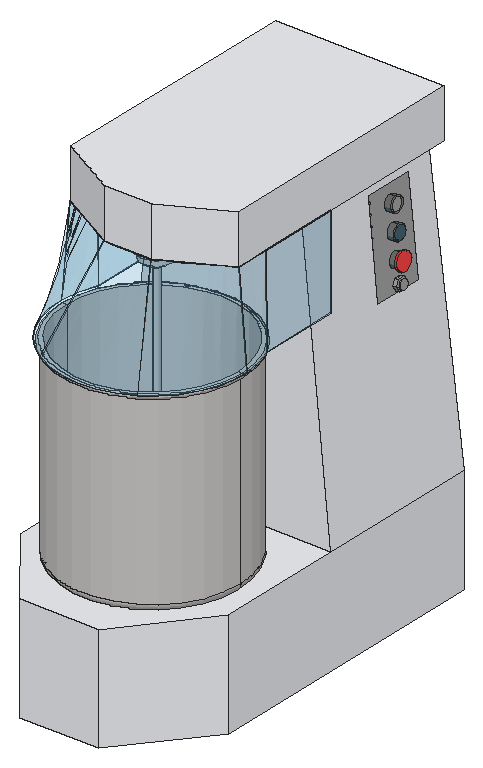
Revit family "QF_DITOSAMA_601547_DZSP30", category Specialty Equipment, Revit 2018
Family settings
  Round Connector Dimension = Use Diameter
  Part Type = Normal
  Work Plane-Based = No
  Always vertical = Yes
  Cut with Voids When Loaded = No
  Shared = No
  Room Calculation Point = No
Parameters
  Weight = 112.00 kg
  Watts = 0 W
  Volts = 0 V
  URL Manufacturer = ""
  URL = ""
  Steam Supply Size = 0 mm
  Steam Supply Minimum Pressure = 0.0 Pa
  Steam Supply Maximum Pressure = 0.0 Pa
  Steam Pounds per Hour = 0
  Refrigeration Suction Line Size = 0 mm
  Refrigeration Liquid Line Size = 0 mm
  Refrigerant Compressor Remote = yes
  Manufacturer = ""
  Phase = 0
  Model = ""
  Length Actual = 420 mm  # constant formula
  Item Number = ""
  Hot Water Size = 0 mm
  Height Actual = 910 mm  # constant formula
  HP = "1.5 HP"
  Gas Size = 0 mm
  Gas KW = 0
  Gas Input Pressure = 0 W
  Direct Waste Size = 0 mm
  Description = ""
  Depth Actual = 760 mm  # constant formula
  Cycle = 0 Hz
  Condensate Return Size = 0 mm
  Compressed Air Volume = 0.0 L/s
  Compressed Air Size = 0 mm
  Compressed Air Pressure = 0.0 Pa
  Cold Water Size = 0 mm
  Accessory = yes
Types (2, lengths in mm): name | Volts | URL Manufacturer | URL | Manufacturer | Phase | Model | Item Number | Description | Cycle
  (no name) | 0 V | "" | "" | "" | 0 | "" | "" | "" | 0 Hz
  QF_DITO SAMA_601547_DZSP30 | 400 V | "http://www.ditosama.com" | "http://www.ditosama.com" | "Dito Sama" | 3 | "DZSP30" | "601547" | "SPIRAL DOUGH KNEADER 38L 1SP.400/3" | 50 Hz
Reference planes
  plane 1 "Center (Front/Back)": y = 0
  plane 2: z = 0
  plane 3 "Center (Left/Right)": x = 0
  plane 4 "BASE": z = 225
  plane 5 "TOP": z = 910
  plane 6 "FRONT": y = -380
  plane 7 "BACK": y = 380
  plane 8 "LEFT": x = -210
  plane 9 "RIGHT": x = 210
  plane 10: z = 810
  plane 11 "CX": y = -145
  plane 12 "PANEL": through (210.113, -1524, 223.861) normal (-0.9949, 0, -0.1012)
Forms (mm)
  Extrusion 1, solid, material "QF_Finishes_White"
    sketch origin (0, 0, 0) x (1, 0, 0) y (0, 1, 0)
      loop
        line (-190, 360) -> (-190, 320) -> (-170, 320) -> (-170, 360) -> (-190, 360)
      loop
        line (-190, -165) -> (-190, -205) -> (-170, -205) -> (-170, -165) -> (-190, -165)
      loop
        line (190, 360) -> (170, 360) -> (170, 320) -> (190, 320) -> (190, 360)
      loop
        line (190, -165) -> (170, -165) -> (170, -205) -> (190, -205) -> (190, -165)
    from 0 to 10
  Extrusion 2, solid, material "QF_Finishes_White"
    sketch origin (0, 0, 0) x (1, 0, 0) y (0, 1, 0)
      loop
        line (-210, 380) -> (-210, -215) -> (-80, -380) -> (80, -380) -> (210, -215) -> (210, 380) -> (-210, 380)
    from 225 to 10
  Blend 3, solid, material "QF_Finishes_White"
    base sketch origin (0, 0, 0) x (1, 0, 0) y (0, 1, 0)
      loop
        line (-210, 380) -> (-210, 45) -> (210, 45) -> (210, 380) -> (-210, 380)
    top sketch origin (0, 0, 0) x (1, 0, 0) y (0, 1, 0)
      loop
        line (-150.517, 365) -> (-150.517, 45) -> (150.517, 45) -> (150.517, 365) -> (-150.517, 365)
    from 225 to 810
  Extrusion 4, solid, material "QF_Finishes_White"
    sketch origin (0, 0, 0) x (1, 0, 0) y (0, 1, 0)
      loop
        line (-170.116, 380) -> (-170.116, -138.643) -> (-47.5, -206.259) -> (47.5, -206.259) -> (170, -138.759) -> (170, 380) -> (-170.116, 380)
    from 910 to 810
  Revolve 5, solid, material "QF_Finishes_Stainless Steel"
    sketch origin (0, 20.508, -90) x (0, 1, 0) y (0, 0, 1)
      loop
        line (-116.74, 900) -> (-155.508, 900) -> (-155.508, 404.668) -> (-149.084, 404.668) -> (-149.084, 839.668) -> (-124.213, 856.444) -> (-124.213, 871.444) -> (-116.74, 871.444) -> (-116.74, 900)
      axis (-155.508, 404.668) -> (-155.508, 900)
    angle from 0 to 360
  Revolve 6, solid, material "QF_Finishes_Stainless Steel"
    sketch origin (0, -145, 0) x (0, 0, 1) y (1, 0, 0)
      loop
        line (623.04, 174.01) -> (623.04, 181.448)
        arc (623.04, 181.448) -> (619.488, 185) -> (615.937, 181.448) r 3.552
        line (615.937, 181.448) -> (615.937, 179.01) -> (240.325, 179.01)
        arc (240.325, 179.01) -> (229.489, 174.522) -> (225, 163.685) r 15.325
        line (225, 163.685) -> (225, 0) -> (230, 0) -> (230, 163.685)
        arc (230, 163.685) -> (233.024, 170.986) -> (240.325, 174.01) r 10.325
        line (240.325, 174.01) -> (623.04, 174.01)
      axis (225, 0) -> (623.04, 0)
    angle from 0 to 360
  Extrusion 7, solid, material "QF_Finishes_Gray"
    sketch origin (200.033, 0, 323.006) x (0.101155, 0, -0.994871) y (0, -1, 0)
      loop
        line (-459.766, -207.929) -> (-459.766, -307.929) -> (-269.766, -307.929) -> (-269.766, -207.929) -> (-459.766, -207.929)
    from 0 to -2
  Extrusion 8, solid, material "QF_Finishes_Rubber Black"
    sketch origin (200.033, 0, 323.006) x (0.101155, 0, -0.994871) y (0, -1, 0)
      loop
        circle (-428.413, -257.929) r 15
      loop
        circle (-428.413, -257.929) r 13
      loop
        circle (-378.413, -257.929) r 15
      loop
        circle (-378.413, -257.929) r 13
      loop
        circle (-328.413, -257.929) r 15
      loop
        circle (-328.413, -257.929) r 13
    from -2 to -16.389
  Extrusion 9, solid, material "QF_Finishes_Gray"
    sketch origin (200.033, 0, 323.006) x (0.101155, 0, -0.994871) y (0, -1, 0)
      loop
        circle (-428.413, -257.929) r 13
    from -2 to -16.389
  Extrusion 10, solid, material "QF_Finishes_Green"
    sketch origin (206.707, 0, 273.453) x (0.101155, 0, -0.994871) y (0, -1, 0)
      loop
        circle (-428.413, -257.929) r 13
    from -2 to -16.389
  Extrusion 11, solid, material "QF_Finishes_Red"
    sketch origin (200.033, 0, 323.006) x (0.101155, 0, -0.994871) y (0, -1, 0)
      loop
        circle (-328.413, -257.929) r 18
    from -16.389 to -20.985
  Extrusion 12, solid, material "QF_Finishes_Gray"
    sketch origin (200.033, 0, 323.006) x (0.101155, 0, -0.994871) y (0, -1, 0)
      loop
        line (-286.257, -270.541) -> (-275.335, -264.235) -> (-275.335, -251.623) -> (-286.257, -245.318) -> (-297.179, -251.623) -> (-297.179, -264.235) -> (-286.257, -270.541)
      loop
        circle (-286.257, -257.929) r 9
    from -12.471 to -2
  Extrusion 13, solid, material "QF_Finishes_Gray"
    sketch origin (200.033, 0, 323.006) x (0.101155, 0, -0.994871) y (0, -1, 0)
      loop
        circle (-286.257, -257.929) r 9
    from -2 to -16.389
  Extrusion 14, solid, material "QF_Finishes_Stainless Steel"
    sketch origin (0, 380, 0) x (-1, 0, 0) y (0, 0, 1)
      loop
        circle (0, 160) r 10
    from 0 to 3.664
  Blend 15, solid, material "Glass"
    base sketch origin (0, 0, 0) x (1, 0, 0) y (0, 1, 0)
      loop
        line (-170.116, 94.595) -> (-172.116, 94.595) -> (-172.116, -66.892)
        arc (-172.116, -66.892) -> (-184.168, -102.49) -> (-188.938, -139.768) r 189.01
        arc (-188.938, -139.768) -> (-166.168, -235.073) -> (-98.739, -306.169) r 189.01
        arc (-98.739, -306.169) -> (0, -334.01) -> (98.739, -306.169) r 189.01
        arc (98.739, -306.169) -> (166.168, -235.073) -> (188.938, -139.768) r 189.01
        arc (188.938, -139.768) -> (184.168, -102.49) -> (172.116, -66.892) r 189.01
        line (172.116, -66.892) -> (172.116, 94.595) -> (170.116, 94.595) -> (170.116, -67.326)
        arc (170.116, -67.326) -> (182.17, -102.729) -> (186.939, -139.824) r 187.01
        arc (186.939, -139.824) -> (164.33, -234.267) -> (97.409, -304.638) r 187.01
        arc (97.409, -304.638) -> (0, -332.01) -> (-97.409, -304.638) r 187.01
        arc (-97.409, -304.638) -> (-164.33, -234.267) -> (-186.939, -139.824) r 187.01
        arc (-186.939, -139.824) -> (-182.17, -102.729) -> (-170.116, -67.326) r 187.01
        line (-170.116, -67.326) -> (-170.116, 94.595)
    top sketch origin (0, 0, 0) x (1, 0, 0) y (0, 1, 0)
      loop
        line (-170.116, 94.595) -> (-172.116, 94.595) -> (-172.116, -70.405) -> (-172.116, -139.824) -> (-48.015, -208.259) -> (48.015, -208.259) -> (172.116, -139.876) -> (172.116, -70.405) -> (172.116, 94.595) -> (170.116, 94.595) -> (170.116, -70.405) -> (170.116, -138.695) -> (47.5, -206.259) -> (-47.5, -206.259) -> (-170.116, -138.643) -> (-170.116, -70.405) -> (-170.116, 94.595)
    from 623.04 to 810
Lines and regions (mm)
  symbolic lines
    curve 1: line (210, 380, 0) -> (-210, 380, 0)
    curve 2: line (-210, 380, 0) -> (-210, -215, 0)
    curve 3: line (-170.116, 380, 0) -> (-170.116, -138.643, 0)
    curve 4: line (170, -138.759, 0) -> (170, 380, 0)
    curve 5: line (-210, 45, 0) -> (-170.116, 45, 0)
    curve 6: line (210, 45, 0) -> (170, 45, 0)
    curve 7: arc (170, -62.387, 0) -> (0.133, -334.01, 0) -> (-170.116, -62.627, 0) r 189.01
    curve 8: line (-170.116, -138.643, 0) -> (-47.5, -206.259, 0)
    curve 9: line (-47.5, -206.259, 0) -> (47.5, -206.259, 0)
    curve 10: line (47.5, -206.259, 0) -> (170, -138.759, 0)
    curve 11: line (80, -380, 0) -> (210, -215, 0)
    curve 12: line (-80, -380, 0) -> (80, -380, 0)
    curve 13: line (-210, -215, 0) -> (-80, -380, 0)
    curve 14: line (182.52, 307.929, 0) -> (170, 307.929, 0)
    curve 15: line (170, 187.929, 0) -> (182.52, 187.929, 0)
    curve 16: line (182.52, 187.929, 0) -> (182.52, 307.929, 0)
    curve 17: line (210, -215, 0) -> (210, 380, 0)
Dimensions and locks
  plane 4 "BASE" to level = 225 mm
  plane 5 "TOP" to level = 910 mm  (x2)
  equal spacing: plane 8 "LEFT", plane 3 "Center (Left/Right)", plane 9 "RIGHT"
  plane 7 "BACK" to plane 1 "Center (Front/Back)" to plane 6 "FRONT" = 380 mm locked, 380 mm
  plane 7 "BACK" to plane 6 "FRONT" = 760 mm
  plane 8 "LEFT" to plane 9 "RIGHT" = 420 mm
  plane 5 "TOP" to plane 10 = 100 mm
  plane 6 "FRONT" to plane 11 "CX" = 235 mm
  plane 11 "CX" to plane 6 "FRONT" = 235 mm
  plane 10 to level = 810 mm
  aligned and locked: level to plane 2
Automatic sketch dimensions
  plane 8 "LEFT" to Extrusion 1 sketch curve = 20 mm  (x2)
  Extrusion 1 sketch curve to Extrusion 1 sketch curve = 20 mm  (x3)
  plane 9 "RIGHT" to Extrusion 1 sketch curve = 40 mm  (x2)
  Extrusion 1 sketch curve to plane 7 "BACK" = 20 mm  (x2)
  plane 9 "RIGHT" to Extrusion 1 sketch curve = 20 mm
  Extrusion 1 sketch curve to plane 7 "BACK" = 60 mm
  Extrusion 1 sketch curve to Extrusion 1 sketch curve = 40 mm  (x3)
  Extrusion 1 sketch curve to plane 11 "CX" = 20 mm  (x2)
  plane 8 "LEFT" to Extrusion 2 sketch curve = 0 mm
  plane 9 "RIGHT" to Extrusion 2 sketch curve = 0 mm
  Extrusion 2 sketch curve to plane 11 "CX" = 70 mm  (x2)
  Extrusion 2 sketch curve to plane 7 "BACK" = 0 mm
  plane 6 "FRONT" to Extrusion 2 sketch curve = 0 mm
  Extrusion 2 sketch curve to plane 3 "Center (Left/Right)" = 80 mm
  Extrusion 2 sketch curve to Extrusion 2 sketch curve = 0 mm  (x2)
  plane 3 "Center (Left/Right)" to Extrusion 2 sketch curve = 80 mm
  plane 8 "LEFT" to Blend 3 sketch curve = 0 mm
  plane 9 "RIGHT" to Blend 3 sketch curve = 0 mm
  Blend 3 sketch curve to plane 1 "Center (Front/Back)" = 45 mm  (x2)
  Blend 3 sketch curve to plane 7 "BACK" = 0 mm
  plane 8 "LEFT" to Blend 3 sketch curve = 59.483 mm
  plane 9 "RIGHT" to Blend 3 sketch curve = 59.483 mm
  Blend 3 sketch curve to plane 7 "BACK" = 15 mm
  plane 8 "LEFT" to Extrusion 4 sketch curve = 39.884 mm
  Extrusion 4 sketch curve to plane 3 "Center (Left/Right)" = 47.5 mm
  plane 3 "Center (Left/Right)" to Extrusion 4 sketch curve = 47.5 mm
  plane 11 "CX" to Extrusion 4 sketch curve = 6.241 mm
  plane 9 "RIGHT" to Extrusion 4 sketch curve = 40 mm
  Extrusion 4 sketch curve to plane 11 "CX" = 61.259 mm
  plane 11 "CX" to Extrusion 4 sketch curve = 6.357 mm
  Extrusion 4 sketch curve to plane 7 "BACK" = 0 mm
  Revolve 5 sketch curve to plane 10 = 0 mm
  plane 11 "CX" to Revolve 5 sketch curve = 10 mm  (x2)
  Revolve 5 sketch curve to Revolve 5 sketch curve = 6.424 mm
  Revolve 5 sketch curve to Revolve 5 sketch curve = 24.871 mm
  Revolve 5 sketch curve to Revolve 5 sketch curve = 7.472 mm
  Revolve 5 sketch curve to plane 10 = 28.556 mm
  Revolve 5 sketch curve to Revolve 5 sketch curve = 15 mm
  Revolve 5 sketch curve to Revolve 5 sketch curve = 16.776 mm
  plane 4 "BASE" to Revolve 5 sketch curve = 89.668 mm
  Revolve 5 sketch curve to plane 10 = 15 mm
  Revolve 5 sketch curve to Revolve 5 sketch curve = 10 mm
  Revolve 6 sketch curve to Revolve 6 sketch curve = 0 mm  (x2)
  Revolve 6 sketch curve to plane 4 "BASE" = 0 mm
  Revolve 6 sketch curve to plane 3 "Center (Left/Right)" = 0 mm  (x2)
  plane 4 "BASE" to Revolve 6 sketch curve = 5 mm
  Revolve 6 sketch curve to Revolve 6 sketch curve = 10.325 mm
  plane 9 "RIGHT" to Revolve 6 sketch curve = 30.99 mm
  Revolve 6 sketch curve to plane 10 = 194.063 mm
  Revolve 6 sketch curve to Revolve 6 sketch curve = 3.552 mm
  Revolve 6 sketch curve to Revolve 6 sketch curve = 2.438 mm
  Revolve 6 sketch curve to Revolve 6 sketch curve = 15.605 mm
  plane 5 "TOP" to Revolve 6 sketch curve = 25.605 mm
  Extrusion 14 sketch curve to plane 3 "Center (Left/Right)" = 0 mm
  Extrusion 14 sketch curve to plane 4 "BASE" = 65 mm
  Blend 15 sketch curve to Blend 15 sketch curve = 0 mm  (x92)
  Blend 15 sketch curve to plane 3 "Center (Left/Right)" = 0 mm
  Blend 15 sketch curve to plane 11 "CX" = 0 mm
  plane 8 "LEFT" to Blend 15 sketch curve = 39.884 mm
  Blend 15 sketch curve to Blend 15 sketch curve = 2 mm  (x5)
  plane 9 "RIGHT" to Blend 15 sketch curve = 39.884 mm  (x2)
  plane 1 "Center (Front/Back)" to Blend 15 sketch curve = 67.326 mm
  Blend 15 sketch curve to Blend 15 sketch curve = 0.434 mm
  Blend 15 sketch curve to plane 1 "Center (Front/Back)" = 94.595 mm  (x4)
  plane 6 "FRONT" to Blend 15 sketch curve = 75.362 mm  (x2)
  Blend 15 sketch curve to Blend 15 sketch curve = 1.33 mm  (x2)
  plane 11 "CX" to Blend 15 sketch curve = 5.176 mm  (x3)
  Blend 15 sketch curve to Blend 15 sketch curve = 1.999 mm  (x2)
  plane 8 "LEFT" to Blend 15 sketch curve = 37.884 mm
  Blend 15 sketch curve to plane 3 "Center (Left/Right)" = 48.015 mm
  Blend 15 sketch curve to Blend 15 sketch curve = 0.515 mm  (x2)
  plane 3 "Center (Left/Right)" to Blend 15 sketch curve = 47.5 mm
  plane 11 "CX" to Blend 15 sketch curve = 5.124 mm
  Blend 15 sketch curve to plane 11 "CX" = 61.259 mm
  Blend 15 sketch curve to Blend 15 sketch curve = 1.181 mm  (x2)
  Blend 15 sketch curve to Blend 15 sketch curve = 68.29 mm
  Blend 15 sketch curve to Blend 15 sketch curve = 68.238 mm
  Extrusion 7 sketch curve to plane 7 "BACK" = 72.071 mm
  Extrusion 7 sketch curve to Extrusion 7 sketch curve = 190 mm
  Extrusion 7 sketch curve to Extrusion 7 sketch curve = 100 mm
  Extrusion 8 sketch curve to Extrusion 8 sketch curve = 0 mm  (x8)
  Extrusion 8 sketch curve to plane 7 "BACK" = 122.071 mm
  Extrusion 8 sketch curve to Extrusion 8 sketch curve = 50 mm  (x2)
  Extrusion 9 sketch curve to plane 7 "BACK" = 122.071 mm
  Extrusion 10 sketch curve to plane 7 "BACK" = 122.071 mm
  Extrusion 11 sketch curve to plane 7 "BACK" = 122.071 mm
  Extrusion 12 sketch curve to plane 7 "BACK" = 128.377 mm
  Extrusion 12 sketch curve to plane 7 "BACK" = 134.682 mm
  Extrusion 12 sketch curve to Extrusion 12 sketch curve = 10.922 mm  (x3)
  Extrusion 12 sketch curve to plane 7 "BACK" = 109.459 mm
  Extrusion 12 sketch curve to Extrusion 12 sketch curve = 0 mm
  Extrusion 12 sketch curve to Extrusion 12 sketch curve = 6.306 mm  (x2)
  Extrusion 12 sketch curve to Extrusion 12 sketch curve = 12.612 mm  (x2)
  Extrusion 13 sketch curve to plane 7 "BACK" = 122.071 mm
  curve 13 to plane 8 "LEFT" = 0 mm
  curve 13 to plane 6 "FRONT" = 0 mm
  curve 7 to plane 3 "Center (Left/Right)" = 0 mm
  curve 4 to plane 7 "BACK" = 0 mm
  curve 1 to plane 9 "RIGHT" = 0 mm
  curve 7 to plane 11 "CX" = 0 mm
  plane 11 "CX" to curve 8 = 6.357 mm
  plane 8 "LEFT" to curve 8 = 39.884 mm
  curve 13 to plane 3 "Center (Left/Right)" = 80 mm
  curve 9 to plane 3 "Center (Left/Right)" = 47.5 mm
  plane 3 "Center (Left/Right)" to curve 9 = 47.5 mm
  plane 3 "Center (Left/Right)" to curve 12 = 80 mm
  plane 11 "CX" to curve 10 = 6.241 mm
  plane 9 "RIGHT" to curve 10 = 40 mm
  curve 14 to curve 14 = 12.52 mm
  curve 2 to plane 11 "CX" = 70 mm
  curve 11 to plane 11 "CX" = 70 mm
  curve 10 to plane 11 "CX" = 61.259 mm
  curve 15 to plane 1 "Center (Front/Back)" = 187.929 mm
  curve 16 to plane 7 "BACK" = 72.071 mm
  plane 1 "Center (Front/Back)" to curve 7 = 62.627 mm
  curve 6 to plane 1 "Center (Front/Back)" = 45 mm
  curve 5 to plane 1 "Center (Front/Back)" = 45 mm
  radius of Extrusion 14 sketch curve = 10 mm
  radius of Extrusion 8 sketch curve = 15 mm  (x3)
  radius of Extrusion 8 sketch curve = 13 mm  (x3)
  radius of Extrusion 9 sketch curve = 13 mm
  radius of Extrusion 10 sketch curve = 13 mm
  radius of Extrusion 11 sketch curve = 18 mm
  radius of Extrusion 12 sketch curve = 9 mm
  radius of Extrusion 13 sketch curve = 9 mm
Connectors
  electrical at (0, 383.664, 160), driven by "Volts"
    settings: on Extrusion 14, index 1, voltage 0 V, apparent load 0 VA, apparent load phase1 0 VA, apparent load phase2 0 VA, apparent load phase3 0 VA, power factor 1, load classification "Other", number of poles 1, system type 30, power factor state 1, is connector primary yes, connector utility no, sub classification motor no, connector description "Electrical Connection"
